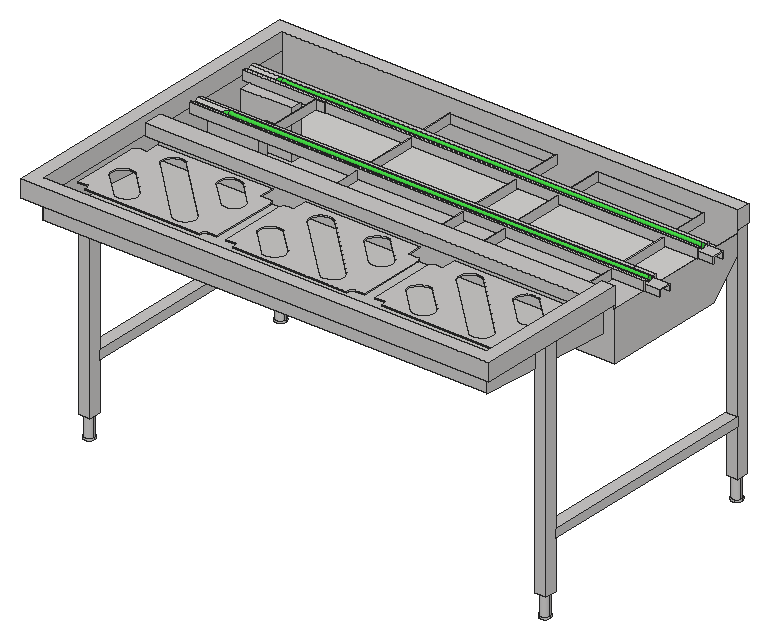
Revit family "QF_ELECTROLUXPROFESSIONAL_865469_HSAS3LR", category Specialty Equipment, Revit 2018
Family settings
  Round Connector Dimension = Use Diameter
  Part Type = Normal
  Work Plane-Based = No
  Always vertical = Yes
  Cut with Voids When Loaded = No
  Shared = No
  Room Calculation Point = No
Parameters (values of type "QF_ELECTROLUX_865469_HSAS3LR")
  Weight = 55.00 kg
  Watts = 0 W
  Volts = 0 V
  URL Manufacturer = "http://professional.electrolux.com"
  URL = "http://professional.electrolux.com"
  Steam Supply Size = 0 mm
  Steam Supply Minimum Pressure = 0.0 Pa
  Steam Supply Maximum Pressure = 0.0 Pa
  Steam Pounds per Hour = 0
  Refrigeration Suction Line Size = 0 mm
  Refrigeration Liquid Line Size = 0 mm
  Refrigerant Compressor Remote = yes
  Manufacturer = "Electrolux"
  Phase = 0
  Model = "HSAS3LR"
  Length Actual = 1620 mm  # constant formula
  Item Number = "865469"
  Hot Water Size = 0 mm
  Height Actual = 910 mm  # constant formula
  HP = "0 HP"
  Gas Size = 0 mm
  Gas KW = 0
  Gas Input Pressure = 0 W
  Description = "AUTOMATIC SORTING TABLE, 3 BASKETS, LEFT>RIGHT, 1620 MM "
  Depth Actual = 1110 mm  # constant formula
  Cycle = 0 Hz
  Condensate Return Size = 0 mm
  Compressed Air Volume = 0.0 L/s
  Compressed Air Size = 0 mm
  Compressed Air Pressure = 0.0 Pa
  Cold Water Size = 0 mm
  Accessory = yes
Reference planes
  plane 1: z = 0
  plane 2 "RIGHT": x = 300
  plane 3: z = 910
  plane 4: z = 0
  plane 5: z = 270
  plane 6 "BACK": y = 310
  plane 7 "FRONT": y = -810
  plane 8 "LEFT": x = -1320
  plane 9 "Center": y = 0
  plane 10: x = -510
  plane 11: y = 0
  plane 12: y = 94.393
  plane 13: y = 134.393
Forms (mm)
  Extrusion 1, solid, material "QF_Finishes_Stainless Steel"
    sketch origin (0, 0, 0) x (-1, 0, 0) y (0, -1, 0)
      loop
        line (1320, 810) -> (-300, 810) -> (-300, 265) -> (-255, 265) -> (-255, 765) -> (1275, 765) -> (1275, -265) -> (-300, -265) -> (-300, -310) -> (1320, -310) -> (1320, 810)
    from 850.091 to 910
  Extrusion 2, solid, material "QF_Finishes_Stainless Steel"
    sketch origin (0, 0, 0) x (0, 1, 0) y (0, 0, -1)
      loop
        line (-267.466, -666.943) -> (-267.466, -850.091) -> (-265, -850.091) -> (-265, -669.943) -> (161.279, -669.943) -> (265, -775.136) -> (265, -850.091) -> (266.249, -850.091) -> (266.249, -772.13) -> (162.534, -666.943) -> (-267.466, -666.943)
    from -297.022 to 1275
  Revolve 3, solid, material "QF_Finishes_Stainless Steel"
    sketch origin (-510, 0.526, -194.395) x (-1, 0, 0) y (0, 0, -1)
      loop
        line (76.494, -861.337) -> (76.494, -847.59)
        arc (76.494, -847.59) -> (75.89, -845.987) -> (74.39, -845.16) r 2.474
        arc (74.39, -845.16) -> (71.083, -841.301) -> (74.377, -837.43) r 3.913
        arc (74.377, -837.43) -> (75.887, -836.598) -> (76.494, -834.985) r 2.49
        line (76.494, -834.985) -> (76.494, -794.661)
        arc (76.494, -794.661) -> (65.844, -763.962) -> (38.457, -746.476) r 49.516
        line (38.457, -746.476) -> (38.457, -743.987) -> (37.25, -742.336) -> (37.25, -740.749) -> (23.47, -734.749) -> (23.47, -698.838) -> (21.946, -697.377) -> (0, -697.377) -> (0, -861.337) -> (76.494, -861.337)
      axis (0, -861.337) -> (0, -697.377)
    angle from 0 to 360
  Extrusion 4, solid, material "QF_Finishes_Stainless Steel"
    sketch origin (0, 0, 0) x (-1, 0, 0) y (0, -1, 0)
      loop
        line (-255, 330.124) -> (-255, 265) -> (1275, 265) -> (1275, 330.124) -> (-255, 330.124)
    from 850.091 to 888.506
  Extrusion 5, solid, material "QF_Finishes_Stainless Steel"
    sketch origin (6.015, 0, -632.691) x (-1, 0, 0) y (0, -1, 0)
      loop
        line (1283.015, -266.249) -> (1323.015, -266.249) -> (1323.015, 521.738) -> (1283.015, 521.738) -> (1283.015, -266.249)
    from 872.691 to 902.691
  Extrusion 6, solid, material "QF_Finishes_Stainless Steel"
    sketch origin (299.022, 0, 0) x (0, 1, 0) y (0, 0, 1)
      loop
        line (162.534, 666.943) -> (266.249, 772.13) -> (266.249, 850.091) -> (265, 850.091) -> (265, 836.936) -> (-267.466, 836.936) -> (-267.466, 666.943) -> (162.534, 666.943)
    from 0 to -2
  Extrusion 7, solid, material "QF_Finishes_Stainless Steel"
    sketch origin (-1023.978, 0.054, -628.981) x (1, 0, 0) y (0, 1, 0)
      loop
        line (1283, 266.195) -> (1283, -521.792) -> (1323, -521.792) -> (1323, 266.195) -> (1283, 266.195)
    from 869.081 to 898.981
  Extrusion 8, solid, material "QF_Finishes_Stainless Steel"
    sketch origin (-1277, 0, 0) x (0, 1, 0) y (0, 0, -1)
      loop
        line (162.534, -666.943) -> (-267.466, -666.943) -> (-267.466, -850.091) -> (265, -850.091) -> (266.249, -850.091) -> (266.249, -772.13) -> (162.534, -666.943)
    from 0 to -2
  Extrusion 9, solid, material "QF_Finishes_Stainless Steel"
    sketch origin (299.022, 0, 0) x (0, 1, 0) y (0, 0, 1)
      loop
        line (94.393, 836.936) -> (94.393, 856.936) -> (134.393, 856.936) -> (134.393, 836.936) -> (136.393, 836.936) -> (136.393, 858.936) -> (92.393, 858.936) -> (92.393, 836.936) -> (94.393, 836.936)
    from -1574.022 to 53.111
  Extrusion 10, solid, material "QF_Finishes_Stainless Steel"
    sketch origin (299.022, 0, 0) x (0, 1, 0) y (0, 0, 1)
      loop
        line (92.393, 836.936) -> (92.393, 866.936) -> (102.393, 866.936) -> (110.393, 858.936) -> (118.393, 858.936) -> (126.393, 866.936) -> (136.393, 866.936) -> (136.393, 836.936) -> (138.393, 836.936) -> (138.393, 868.936) -> (125.565, 868.936) -> (117.565, 860.936) -> (111.221, 860.936) -> (103.221, 868.936) -> (90.393, 868.936) -> (90.393, 836.936) -> (92.393, 836.936)
    from -1574.022 to 0.978
  Extrusion 11, solid, material "QF_Finishes_Stainless Steel"
    sketch origin (299.022, -230, 0) x (0, 1, 0) y (0, 0, 1)
      loop
        line (94.393, 836.936) -> (94.393, 856.936) -> (134.393, 856.936) -> (134.393, 836.936) -> (136.393, 836.936) -> (136.393, 858.936) -> (92.393, 858.936) -> (92.393, 836.936) -> (94.393, 836.936)
    from -1574.022 to 53.111
  Extrusion 12, solid, material "QF_Finishes_Stainless Steel"
    sketch origin (299.022, -230, 0) x (0, 1, 0) y (0, 0, 1)
      loop
        line (92.393, 836.936) -> (92.393, 866.936) -> (102.393, 866.936) -> (110.393, 858.936) -> (118.393, 858.936) -> (126.393, 866.936) -> (136.393, 866.936) -> (136.393, 836.936) -> (138.393, 836.936) -> (138.393, 868.936) -> (125.565, 868.936) -> (117.565, 860.936) -> (111.221, 860.936) -> (103.221, 868.936) -> (90.393, 868.936) -> (90.393, 836.936) -> (92.393, 836.936)
    from -1574.022 to 0.978
  Sweep 13, solid, material "QF_Finishes_Green"
    path origin (299.022, -109.42, 875.352) x (0, 0.0016, 0.999999) y (-1, 0, 0)
      loop
        line (-6.295, -0.978) -> (-6.295, 1449.022)
        arc (-6.295, 1449.022) -> (-15.081, 1470.236) -> (-36.295, 1479.022) r 30
        line (-36.295, 1479.022) -> (-41.295, 1479.022)
    profile origin (-425, -109.431, 869.057) x (0, -0.0016, -0.999999) y (0, -0.999999, 0.0016)
      loop
        circle (1.513, 6.483) r 6.399
  Sweep 14, solid, material "QF_Finishes_Green"
    path origin (299.022, 120.58, 875.352) x (0, 0.0016, 0.999999) y (-1, 0, 0)
      loop
        line (-6.295, -0.978) -> (-6.295, 1449.022)
        arc (-6.295, 1449.022) -> (-15.081, 1470.236) -> (-36.295, 1479.022) r 30
        line (-36.295, 1479.022) -> (-41.295, 1479.022)
    profile origin (-425, 120.569, 869.057) x (0, -0.0016, -0.999999) y (0, -0.999999, 0.0016)
      loop
        circle (1.513, 6.483) r 6.399
  Extrusion 15, solid, material "QF_Finishes_Stainless Steel"
    sketch origin (0, 0, 0) x (1, 0, 0) y (0, 1, 0)
      loop
        line (-662.58, -265) -> (-662.58, -262) -> (-691.789, -262) -> (-691.789, 262) -> (-330.015, 262) -> (-330.015, -262) -> (-359.388, -262) -> (-359.388, -265) -> (-327.015, -265) -> (-327.015, 265) -> (-694.789, 265) -> (-694.789, -265) -> (-662.58, -265)
    from 831.234 to 860.936
  Extrusion 16, solid, material "QF_Finishes_Stainless Steel"
    sketch origin (510, 0, 0) x (1, 0, 0) y (0, 1, 0)
      loop
        line (-662.58, -265) -> (-662.58, -262) -> (-691.789, -262) -> (-691.789, 262) -> (-330.015, 262) -> (-330.015, -262) -> (-359.388, -262) -> (-359.388, -265) -> (-327.015, -265) -> (-327.015, 265) -> (-694.789, 265) -> (-694.789, -265) -> (-662.58, -265)
    from 831.234 to 860.936
  Extrusion 17, solid, material "QF_Finishes_Stainless Steel"
    sketch origin (0, 0, 0) x (1, 0, 0) y (0, 1, 0)
      loop
        line (-1247.085, 53.571) -> (-1072.085, 53.571) -> (-1072.085, 90.393) -> (-1247.085, 90.393) -> (-1247.085, 53.571)
    from 669.943 to 836.936
  Extrusion 18, solid, material "QF_Finishes_Stainless Steel"
    sketch origin (0, -145.178, 0) x (1, 0, 0) y (0, 1, 0)
      loop
        line (-1247.085, 53.571) -> (-1072.085, 53.571) -> (-1072.085, 90.393) -> (-1247.085, 90.393) -> (-1247.085, 53.571)
    from 669.943 to 836.936
  Extrusion 19, solid, material "QF_Finishes_Stainless Steel"
    sketch origin (0, 0, 0) x (1, 0, 0) y (0, 1, 0)
      loop
        line (-1047.085, -91.607) -> (-1015.387, -91.607) -> (-1015.387, 87.393) -> (-987.085, 87.393) -> (-987.085, 90.393) -> (-1018.387, 90.393) -> (-1018.387, -88.607) -> (-1047.085, -88.607) -> (-1047.085, -91.607)
    from 836.936 to 868.936
  Extrusion 20, solid, material "QF_Finishes_Stainless Steel"
    sketch origin (299.022, 0, 0) x (0, 1, 0) y (0, 0, 1)
      loop
        line (-767.81, 850.091) -> (-767.81, 782.048) -> (-267.466, 747.061) -> (-267.466, 850.091) -> (-270.466, 850.091) -> (-270.466, 750.278) -> (-765, 784.859) -> (-765, 850.091) -> (-767.81, 850.091)
    from -1574.022 to -42
  Extrusion 21, solid, material "QF_Finishes_Stainless Steel"
    sketch origin (299.022, 0, 0) x (0, 1, 0) y (0, 0, 1)
      loop
        line (-767.81, 850.091) -> (-767.81, 782.048) -> (-267.466, 747.061) -> (-267.466, 850.091) -> (-767.81, 850.091)
    from -40 to -42
  Extrusion 22, solid, material "QF_Finishes_Stainless Steel"
    sketch origin (-1319.022, 0, 0) x (0, 1, 0) y (0, 0, -1)
      loop
        line (-767.81, -850.091) -> (-267.466, -850.091) -> (-267.466, -747.061) -> (-767.81, -782.048) -> (-767.81, -850.091)
    from -42.022 to -44.022
  Extrusion 23, solid, material "QF_Finishes_Stainless Steel"
    sketch origin (0, 0, 842.5) x (1, 0, 0) y (0, 1, 0)
      loop
        line (-1220.383, -339.221) -> (-1220.383, -389.221) -> (-1240.383, -389.221)
        arc (-1240.383, -389.221) -> (-1254.525, -395.078) -> (-1260.383, -409.221) r 20
        line (-1260.383, -409.221) -> (-1260.383, -634.221) -> (-1230.383, -634.221)
        arc (-1230.383, -634.221) -> (-1223.312, -637.149) -> (-1220.383, -644.221) r 10
        line (-1220.383, -644.221) -> (-1220.383, -654.221) -> (-825.383, -654.221) -> (-825.383, -649.221)
        arc (-825.383, -649.221) -> (-820.989, -638.614) -> (-810.383, -634.221) r 15
        line (-810.383, -634.221) -> (-780.383, -634.221) -> (-780.383, -404.221)
        arc (-780.383, -404.221) -> (-784.776, -393.614) -> (-795.383, -389.221) r 15
        line (-795.383, -389.221) -> (-825.383, -389.221) -> (-825.383, -339.221) -> (-1220.383, -339.221)
      loop
        line (-1214.7, -558.44) -> (-1138.92, -634.221)
        arc (-1138.92, -634.221) -> (-1092.336, -627.771) -> (-1085.887, -581.188) r 38.966
        line (-1085.887, -581.188) -> (-1161.667, -505.407)
        arc (-1161.667, -505.407) -> (-1214.7, -505.407) -> (-1214.7, -558.44) r 37.5
      loop
        line (-1146.92, -425.368) -> (-943.092, -629.196)
        arc (-943.092, -629.196) -> (-895.135, -629.379) -> (-883.322, -582.9) r 38.966
        line (-883.322, -582.9) -> (-1093.887, -372.335)
        arc (-1093.887, -372.335) -> (-1146.92, -372.335) -> (-1146.92, -425.368) r 37.5
      loop
        line (-956.718, -418.538) -> (-880.938, -494.319)
        arc (-880.938, -494.319) -> (-834.354, -487.869) -> (-827.905, -441.286) r 38.966
        line (-827.905, -441.286) -> (-903.685, -365.505)
        arc (-903.685, -365.505) -> (-956.718, -365.505) -> (-956.718, -418.538) r 37.5
    from 0 to 3
  Extrusion 24, solid, material "QF_Finishes_Stainless Steel"
    sketch origin (510, 0, 842.5) x (1, 0, 0) y (0, 1, 0)
      loop
        line (-1220.383, -339.221) -> (-1220.383, -389.221) -> (-1240.383, -389.221)
        arc (-1240.383, -389.221) -> (-1254.525, -395.078) -> (-1260.383, -409.221) r 20
        line (-1260.383, -409.221) -> (-1260.383, -634.221) -> (-1230.383, -634.221)
        arc (-1230.383, -634.221) -> (-1223.312, -637.149) -> (-1220.383, -644.221) r 10
        line (-1220.383, -644.221) -> (-1220.383, -654.221) -> (-825.383, -654.221) -> (-825.383, -649.221)
        arc (-825.383, -649.221) -> (-820.989, -638.614) -> (-810.383, -634.221) r 15
        line (-810.383, -634.221) -> (-780.383, -634.221) -> (-780.383, -404.221)
        arc (-780.383, -404.221) -> (-784.776, -393.614) -> (-795.383, -389.221) r 15
        line (-795.383, -389.221) -> (-825.383, -389.221) -> (-825.383, -339.221) -> (-1220.383, -339.221)
      loop
        line (-1214.7, -558.44) -> (-1138.92, -634.221)
        arc (-1138.92, -634.221) -> (-1092.336, -627.771) -> (-1085.887, -581.188) r 38.966
        line (-1085.887, -581.188) -> (-1161.667, -505.407)
        arc (-1161.667, -505.407) -> (-1214.7, -505.407) -> (-1214.7, -558.44) r 37.5
      loop
        line (-1146.92, -425.368) -> (-943.092, -629.196)
        arc (-943.092, -629.196) -> (-895.135, -629.379) -> (-883.322, -582.9) r 38.966
        line (-883.322, -582.9) -> (-1093.887, -372.335)
        arc (-1093.887, -372.335) -> (-1146.92, -372.335) -> (-1146.92, -425.368) r 37.5
      loop
        line (-956.718, -418.538) -> (-880.938, -494.319)
        arc (-880.938, -494.319) -> (-834.354, -487.869) -> (-827.905, -441.286) r 38.966
        line (-827.905, -441.286) -> (-903.685, -365.505)
        arc (-903.685, -365.505) -> (-956.718, -365.505) -> (-956.718, -418.538) r 37.5
    from 0 to 3
  Extrusion 25, solid, material "QF_Finishes_Stainless Steel"
    sketch origin (1025, 0, 842.5) x (1, 0, 0) y (0, 1, 0)
      loop
        line (-1220.383, -339.221) -> (-1220.383, -389.221) -> (-1240.383, -389.221)
        arc (-1240.383, -389.221) -> (-1254.525, -395.078) -> (-1260.383, -409.221) r 20
        line (-1260.383, -409.221) -> (-1260.383, -634.221) -> (-1230.383, -634.221)
        arc (-1230.383, -634.221) -> (-1223.312, -637.149) -> (-1220.383, -644.221) r 10
        line (-1220.383, -644.221) -> (-1220.383, -654.221) -> (-825.383, -654.221) -> (-825.383, -649.221)
        arc (-825.383, -649.221) -> (-820.989, -638.614) -> (-810.383, -634.221) r 15
        line (-810.383, -634.221) -> (-780.383, -634.221) -> (-780.383, -404.221)
        arc (-780.383, -404.221) -> (-784.776, -393.614) -> (-795.383, -389.221) r 15
        line (-795.383, -389.221) -> (-825.383, -389.221) -> (-825.383, -339.221) -> (-1220.383, -339.221)
      loop
        line (-1214.7, -558.44) -> (-1138.92, -634.221)
        arc (-1138.92, -634.221) -> (-1092.336, -627.771) -> (-1085.887, -581.188) r 38.966
        line (-1085.887, -581.188) -> (-1161.667, -505.407)
        arc (-1161.667, -505.407) -> (-1214.7, -505.407) -> (-1214.7, -558.44) r 37.5
      loop
        line (-1146.92, -425.368) -> (-943.092, -629.196)
        arc (-943.092, -629.196) -> (-895.135, -629.379) -> (-883.322, -582.9) r 38.966
        line (-883.322, -582.9) -> (-1093.887, -372.335)
        arc (-1093.887, -372.335) -> (-1146.92, -372.335) -> (-1146.92, -425.368) r 37.5
      loop
        line (-956.718, -418.538) -> (-880.938, -494.319)
        arc (-880.938, -494.319) -> (-834.354, -487.869) -> (-827.905, -441.286) r 38.966
        line (-827.905, -441.286) -> (-903.685, -365.505)
        arc (-903.685, -365.505) -> (-956.718, -365.505) -> (-956.718, -418.538) r 37.5
    from 0 to 3
Cuts and joins
  joined: Extrusion 1, Extrusion 2, Revolve 3, Extrusion 4, Extrusion 6
  joined: Extrusion 10, Extrusion 12, Extrusion 15, Extrusion 16
Lines and regions (mm)
  Split face 1
    outline origin (-1275, -265, 669.943) x (1, 0, 0) y (0, 1, 0)
      loop
        circle (765, 265) r 76.496
  Split face 2
    outline origin (-1275, -265, 669.943) x (1, 0, 0) y (0, 1, 0)
      loop
        circle (765, 265) r 56.496
  Split face 3
    outline origin (-1275, -265, 669.943) x (1, 0, 0) y (0, 1, 0)
      loop
        circle (765, 265) r 36.496
  Split face 4
    outline origin (-1275, -265, 669.943) x (1, 0, 0) y (0, 1, 0)
      loop
        circle (765, 265) r 16.496
  symbolic lines
    curve 1: line (-1320, 310, 0) -> (300, 310, 0)
    curve 2: line (-1320, -810, 0) -> (-1320, 310, 0)
    curve 3: line (300, -810, 0) -> (-1320, -810, 0)
    curve 4: line (300, 310, 0) -> (300, -810, 0)
    curve 5: line (-1275, 265, 0) -> (300, 265, 0)
    curve 6: line (-1275, -765, 0) -> (-1275, 265, 0)
    curve 7: line (255, -765, 0) -> (-1275, -765, 0)
    curve 8: line (-1275, -265, 0) -> (300, -265, 0)
    curve 9: line (255, -330.124, 0) -> (-1275, -330.124, 0)
    curve 10: line (255, -765, 0) -> (255, -330.124, 0)
    curve 11: line (300, 0, 0) -> (270, 0, 0)
    curve 12: arc (-433.504, 0, 0) -> (-510, -76.496, 0) -> (-586.496, 0, 0) r 76.496
    curve 13: arc (-586.496, 0, 0) -> (-510, 76.496, 0) -> (-433.504, 0, 0) r 76.496
    curve 14: arc (-526.496, 0, 0) -> (-510, -16.496, 0) -> (-493.504, 0, 0) r 16.496
    curve 15: arc (-493.504, 0, 0) -> (-510, 16.496, 0) -> (-526.496, 0, 0) r 16.496
    curve 16: line (300, 138.393, 0) -> (-1275, 138.393, 0)
    curve 17: line (-1275, 90.393, 0) -> (300, 90.393, 0)
    curve 18: line (300, -91.607, 0) -> (-1275, -91.607, 0)
    curve 19: line (-1275, -139.607, 0) -> (300, -139.607, 0)
    curve 20: line (-1275, 125.565, 0) -> (300, 125.565, 0)
    curve 21: line (-1275, 103.221, 0) -> (300, 103.221, 0)
    curve 22: line (-1275, -104.435, 0) -> (300, -104.435, 0)
    curve 23: line (-1275, -126.779, 0) -> (300, -126.779, 0)
    curve 24: line (-694.789, 265, 0) -> (-694.789, 138.393, 0)
    curve 25: line (-694.789, 90.393, 0) -> (-694.789, -91.607, 0)
    curve 26: line (-694.789, -139.607, 0) -> (-694.789, -265, 0)
    curve 27: line (-662.58, -265, 0) -> (-662.58, -262, 0)
    curve 28: line (-662.58, -262, 0) -> (-691.789, -262, 0)
    curve 29: line (-691.789, -262, 0) -> (-691.789, -139.607, 0)
    curve 30: line (-691.789, -91.607, 0) -> (-691.789, 90.393, 0)
    curve 31: line (-691.789, 138.393, 0) -> (-691.789, 262, 0)
    curve 32: line (-691.789, 262, 0) -> (-330.015, 262, 0)
    curve 33: line (-330.015, 262, 0) -> (-330.015, 138.393, 0)
    curve 34: line (-330.015, 90.393, 0) -> (-330.015, -91.607, 0)
    curve 35: line (-330.015, -139.607, 0) -> (-330.015, -262, 0)
    curve 36: line (-330.015, -262, 0) -> (-359.388, -262, 0)
    curve 37: line (-359.388, -262, 0) -> (-359.388, -265, 0)
    curve 38: line (-327.015, -265, 0) -> (-327.015, -139.607, 0)
    curve 39: line (-327.015, 90.393, 0) -> (-327.015, -91.607, 0)
    curve 40: line (-327.015, 265, 0) -> (-327.015, 138.393, 0)
    curve 41: line (-184.789, 265, 0) -> (-184.789, 138.393, 0)
    curve 42: line (-184.789, 90.393, 0) -> (-184.789, -91.607, 0)
    curve 43: line (-184.789, -139.607, 0) -> (-184.789, -265, 0)
    curve 44: line (-152.58, -265, 0) -> (-152.58, -262, 0)
    curve 45: line (-152.58, -262, 0) -> (-181.789, -262, 0)
    curve 46: line (-181.789, -262, 0) -> (-181.789, -139.607, 0)
    curve 47: line (-181.789, -91.607, 0) -> (-181.789, 90.393, 0)
    curve 48: line (-181.789, 138.393, 0) -> (-181.789, 262, 0)
    curve 49: line (-181.789, 262, 0) -> (179.985, 262, 0)
    curve 50: line (179.985, 262, 0) -> (179.985, 138.393, 0)
    curve 51: line (179.985, 90.393, 0) -> (179.985, -91.607, 0)
    curve 52: line (179.985, -139.607, 0) -> (179.985, -262, 0)
    curve 53: line (179.985, -262, 0) -> (150.612, -262, 0)
    curve 54: line (150.612, -262, 0) -> (150.612, -265, 0)
    curve 55: line (182.985, -265, 0) -> (182.985, -139.607, 0)
    curve 56: line (182.985, 90.393, 0) -> (182.985, -91.607, 0)
    curve 57: line (182.985, 265, 0) -> (182.985, 138.393, 0)
    curve 58: line (-1247.085, 90.393, 0) -> (-1247.085, 53.571, 0)
    curve 59: line (-1247.085, 53.571, 0) -> (-1072.085, 53.571, 0)
    curve 60: line (-1072.085, 53.571, 0) -> (-1072.085, 90.393, 0)
    curve 61: line (-1247.085, -91.607, 0) -> (-1247.085, -54.785, 0)
    curve 62: line (-1247.085, -54.785, 0) -> (-1072.085, -54.785, 0)
    curve 63: line (-1072.085, -54.785, 0) -> (-1072.085, -91.607, 0)
    curve 64: line (-1047.085, -91.607, 0) -> (-1047.085, -88.607, 0)
    curve 65: line (-1047.085, -88.607, 0) -> (-1018.387, -88.607, 0)
    curve 66: line (-1018.387, -88.607, 0) -> (-1018.387, 90.393, 0)
    curve 67: line (-987.085, 90.393, 0) -> (-987.085, 87.393, 0)
    curve 68: line (-987.085, 87.393, 0) -> (-1015.387, 87.393, 0)
    curve 69: line (-1015.387, 87.393, 0) -> (-1015.387, -91.607, 0)
    curve 70: line (-1220.383, -654.221, 0) -> (-825.383, -654.221, 0)
    curve 71: line (-825.383, -654.221, 0) -> (-825.383, -649.221, 0)
    curve 72: arc (-825.383, -649.221, 0) -> (-820.989, -638.614, 0) -> (-810.383, -634.221, 0) r 15
    curve 73: line (-810.383, -634.221, 0) -> (-780.383, -634.221, 0)
    curve 74: line (-780.383, -634.221, 0) -> (-780.383, -404.221, 0)
    curve 75: arc (-780.383, -404.221, 0) -> (-784.776, -393.614, 0) -> (-795.383, -389.221, 0) r 15
    curve 76: line (-795.383, -389.221, 0) -> (-825.383, -389.221, 0)
    curve 77: line (-825.383, -389.221, 0) -> (-825.383, -339.221, 0)
    curve 78: line (-825.383, -339.221, 0) -> (-1220.383, -339.221, 0)
    curve 79: line (-1220.383, -339.221, 0) -> (-1220.383, -389.221, 0)
    curve 80: line (-1220.383, -389.221, 0) -> (-1240.383, -389.221, 0)
    curve 81: arc (-1240.383, -389.221, 0) -> (-1254.525, -395.078, 0) -> (-1260.383, -409.221, 0) r 20
    curve 82: line (-1260.383, -409.221, 0) -> (-1260.383, -634.221, 0)
    curve 83: line (-1260.383, -634.221, 0) -> (-1230.383, -634.221, 0)
    curve 84: arc (-1230.383, -634.221, 0) -> (-1223.312, -637.149, 0) -> (-1220.383, -644.221, 0) r 10
    curve 85: line (-1220.383, -644.221, 0) -> (-1220.383, -654.221, 0)
    curve 86: line (-1138.92, -634.221, 0) -> (-1214.7, -558.44, 0)
    curve 87: arc (-1214.7, -558.44, 0) -> (-1214.7, -505.407, 0) -> (-1161.667, -505.407, 0) r 37.5
    curve 88: line (-1161.667, -505.407, 0) -> (-1085.887, -581.188, 0)
    curve 89: arc (-1085.887, -581.188, 0) -> (-1092.336, -627.771, 0) -> (-1138.92, -634.221, 0) r 38.966
    curve 90: line (-943.092, -629.196, 0) -> (-1146.92, -425.368, 0)
    curve 91: arc (-1146.92, -425.368, 0) -> (-1146.92, -372.335, 0) -> (-1093.887, -372.335, 0) r 37.5
    curve 92: line (-1093.887, -372.335, 0) -> (-883.322, -582.9, 0)
    curve 93: arc (-883.322, -582.9, 0) -> (-895.135, -629.379, 0) -> (-943.092, -629.196, 0) r 38.966
    curve 94: line (-880.938, -494.319, 0) -> (-956.718, -418.538, 0)
    curve 95: arc (-956.718, -418.538, 0) -> (-956.718, -365.505, 0) -> (-903.685, -365.505, 0) r 37.5
    curve 96: line (-903.685, -365.505, 0) -> (-827.905, -441.286, 0)
    curve 97: arc (-827.905, -441.286, 0) -> (-834.354, -487.869, 0) -> (-880.938, -494.319, 0) r 38.966
    curve 98: line (-750.383, -409.221, 0) -> (-750.383, -634.221, 0)
    curve 99: line (-750.383, -634.221, 0) -> (-720.383, -634.221, 0)
    curve 100: arc (-720.383, -634.221, 0) -> (-713.312, -637.149, 0) -> (-710.383, -644.221, 0) r 10
    curve 101: line (-710.383, -644.221, 0) -> (-710.383, -654.221, 0)
    curve 102: line (-710.383, -654.221, 0) -> (-315.383, -654.221, 0)
    curve 103: line (-315.383, -654.221, 0) -> (-315.383, -649.221, 0)
    curve 104: arc (-315.383, -649.221, 0) -> (-310.989, -638.614, 0) -> (-300.383, -634.221, 0) r 15
    curve 105: line (-300.383, -634.221, 0) -> (-270.383, -634.221, 0)
    curve 106: line (-270.383, -634.221, 0) -> (-270.383, -404.221, 0)
    curve 107: arc (-270.383, -404.221, 0) -> (-274.776, -393.614, 0) -> (-285.383, -389.221, 0) r 15
    curve 108: line (-285.383, -389.221, 0) -> (-315.383, -389.221, 0)
    curve 109: line (-315.383, -389.221, 0) -> (-315.383, -339.221, 0)
    curve 110: line (-315.383, -339.221, 0) -> (-710.383, -339.221, 0)
    curve 111: line (-710.383, -339.221, 0) -> (-710.383, -389.221, 0)
    curve 112: line (-710.383, -389.221, 0) -> (-730.383, -389.221, 0)
    curve 113: arc (-730.383, -389.221, 0) -> (-744.525, -395.078, 0) -> (-750.383, -409.221, 0) r 20
    curve 114: line (-651.667, -505.407, 0) -> (-575.887, -581.188, 0)
    curve 115: arc (-575.887, -581.188, 0) -> (-582.336, -627.771, 0) -> (-628.92, -634.221, 0) r 38.966
    curve 116: line (-628.92, -634.221, 0) -> (-704.7, -558.44, 0)
    curve 117: arc (-704.7, -558.44, 0) -> (-704.7, -505.407, 0) -> (-651.667, -505.407, 0) r 37.5
    curve 118: line (-433.092, -629.196, 0) -> (-636.92, -425.368, 0)
    curve 119: arc (-636.92, -425.368, 0) -> (-636.92, -372.335, 0) -> (-583.887, -372.335, 0) r 37.5
    curve 120: line (-583.887, -372.335, 0) -> (-373.322, -582.9, 0)
    curve 121: arc (-373.322, -582.9, 0) -> (-385.135, -629.379, 0) -> (-433.092, -629.196, 0) r 38.966
    curve 122: line (-370.938, -494.319, 0) -> (-446.718, -418.538, 0)
    curve 123: arc (-446.718, -418.538, 0) -> (-446.718, -365.505, 0) -> (-393.685, -365.505, 0) r 37.5
    curve 124: line (-393.685, -365.505, 0) -> (-317.905, -441.286, 0)
    curve 125: arc (-317.905, -441.286, 0) -> (-324.354, -487.869, 0) -> (-370.938, -494.319, 0) r 38.966
    curve 126: line (-235.383, -409.221, 0) -> (-235.383, -634.221, 0)
    curve 127: line (-235.383, -634.221, 0) -> (-205.383, -634.221, 0)
    curve 128: arc (-205.383, -634.221, 0) -> (-198.312, -637.149, 0) -> (-195.383, -644.221, 0) r 10
    curve 129: line (-195.383, -644.221, 0) -> (-195.383, -654.221, 0)
    curve 130: line (-195.383, -654.221, 0) -> (199.617, -654.221, 0)
    curve 131: line (199.617, -654.221, 0) -> (199.617, -649.221, 0)
    curve 132: arc (199.617, -649.221, 0) -> (204.011, -638.614, 0) -> (214.617, -634.221, 0) r 15
    curve 133: line (214.617, -634.221, 0) -> (244.617, -634.221, 0)
    curve 134: line (244.617, -634.221, 0) -> (244.617, -404.221, 0)
    curve 135: arc (244.617, -404.221, 0) -> (240.224, -393.614, 0) -> (229.617, -389.221, 0) r 15
    curve 136: line (229.617, -389.221, 0) -> (199.617, -389.221, 0)
    curve 137: line (199.617, -389.221, 0) -> (199.617, -339.221, 0)
    curve 138: line (199.617, -339.221, 0) -> (-195.383, -339.221, 0)
    curve 139: line (-195.383, -339.221, 0) -> (-195.383, -389.221, 0)
    curve 140: line (-195.383, -389.221, 0) -> (-215.383, -389.221, 0)
    curve 141: arc (-215.383, -389.221, 0) -> (-229.525, -395.078, 0) -> (-235.383, -409.221, 0) r 20
    curve 142: line (-136.667, -505.407, 0) -> (-60.887, -581.188, 0)
    curve 143: arc (-60.887, -581.188, 0) -> (-67.336, -627.771, 0) -> (-113.92, -634.221, 0) r 38.966
    curve 144: line (-113.92, -634.221, 0) -> (-189.7, -558.44, 0)
    curve 145: arc (-189.7, -558.44, 0) -> (-189.7, -505.407, 0) -> (-136.667, -505.407, 0) r 37.5
    curve 146: line (81.908, -629.196, 0) -> (-121.92, -425.368, 0)
    curve 147: arc (-121.92, -425.368, 0) -> (-121.92, -372.335, 0) -> (-68.887, -372.335, 0) r 37.5
    curve 148: line (-68.887, -372.335, 0) -> (141.678, -582.9, 0)
    curve 149: arc (141.678, -582.9, 0) -> (129.865, -629.379, 0) -> (81.908, -629.196, 0) r 38.966
    curve 150: line (144.062, -494.319, 0) -> (68.282, -418.538, 0)
    curve 151: arc (68.282, -418.538, 0) -> (68.282, -365.505, 0) -> (121.315, -365.505, 0) r 37.5
    curve 152: line (121.315, -365.505, 0) -> (197.095, -441.286, 0)
    curve 153: arc (197.095, -441.286, 0) -> (190.646, -487.869, 0) -> (144.062, -494.319, 0) r 38.966
    curve 154: line (300, 136.393, 0) -> (352.133, 136.393, 0)
    curve 155: line (352.133, 136.393, 0) -> (352.133, 92.393, 0)
    curve 156: line (352.133, 92.393, 0) -> (300, 92.393, 0)
    curve 157: line (300, -93.607, 0) -> (352.133, -93.607, 0)
    curve 158: line (352.133, -93.607, 0) -> (352.133, -137.607, 0)
    curve 159: line (352.133, -137.607, 0) -> (300, -137.607, 0)
    curve 160: line (300, 107.675, 0) -> (-1165, 107.675, 0)
    curve 161: line (-1165, 120.486, 0) -> (300, 120.486, 0)
    curve 162: arc (-1165, 107.675, 0) -> (-1171.406, 114.08, 0) -> (-1165, 120.486, 0) r 6.406
    curve 163: line (300, -122.328, 0) -> (-1165, -122.328, 0)
    curve 164: line (-1165, -109.516, 0) -> (300, -109.516, 0)
    curve 165: arc (-1165, -122.328, 0) -> (-1171.406, -115.922, 0) -> (-1165, -109.516, 0) r 6.406
Dimensions and locks
  plane 3 to level = 910 mm
  plane 8 "LEFT" to plane 2 "RIGHT" = 1620 mm
  plane 6 "BACK" to plane 7 "FRONT" = 1120 mm
  cut or joined group of Extrusion 1, Extrusion 2, Revolve 3, Extrusion 4, Extrusion 6 to cut or joined group of Extrusion 1, Extrusion 2, Revolve 3, Extrusion 4, Extrusion 6 = 530 mm
  plane 8 "LEFT" to plane 10 = 810 mm
  plane 6 "BACK" to plane 11 = 310 mm
  aligned and locked: level to plane 1
Nested families
  nested 1: "Foot_40x40" at (-1297, -541.738, 0), type "Foot_40x40"
    with A 850.091 mm
  nested 2: "Foot_40x40" at (-1297, 286.249, 0), type "Foot_40x40"
    with A 850.091 mm
  nested 3: "Foot_40x40" at (279.022, -541.738, 0) x (-1, 0, 0) z (0, 0, 1), type "Foot_40x40"
    with A 850.091 mm
  nested 4: "Foot_40x40" at (279.022, 286.249, 0) x (-1, 0, 0) z (0, 0, 1), type "Foot_40x40"
    with A 850.091 mm
Connectors
  piping at (-510, 0.526, 502.983), diameter 30
    settings: on cut or joined group of Extrusion 1, Extrusion 2, Revolve 3, Extrusion 4, Extrusion 6, index 1, connector inside diameter 609.6 mm, connector length 0 mm, flow factor 0, pipe flow 0.0 L/s, pressure drop 0.0 Pa, fitting loss kfactor 0, connector angle 0.00°, fixture units 0, engagement length 0 mm, angle of deflection 0.00°, flow configuration 1, flow direction 2, fitting loss method 0, system type 16, joint type 0, gender type 0, connector reference index -1, connector utility 0, adjustable connector no, is connector primary yes, connector description "Drain"
Definition of nested family "Foot_40x40"
  Parameters
    A [instance] = 850 mm
  Reference planes
    plane 1 "Centro (Fronte/Retro)": y = 0
    plane 2: z = 0
    plane 3 "Centro (Sinistra/Destra)": x = 0
    plane 4: z = 850
  Forms (mm)
    Extrusion 1, solid
      sketch origin (0, 0, 0) x (1, 0, 0) y (0, 1, 0)
        loop
          circle (0, 0) r 18
      from 0 to 5
    Extrusion 2, solid
      sketch origin (0, 0, 5) x (1, 0, 0) y (0, 1, 0)
        loop
          circle (0, 0) r 15
      from 0 to 70
    Extrusion 3, solid
      sketch origin (0, 0, 75) x (1, 0, 0) y (0, 1, 0)
        loop
          line (-20, 20) -> (-20, -20) -> (20, -20) -> (20, 20) -> (-20, 20)
      from 0 to 775
  Dimensions and locks
    "A": plane 4 to plane 2
    aligned and locked: level to plane 2
    aligned and locked: plane 4 to Extrusion 3
    aligned and locked: Extrusion 1 to level
  Automatic sketch dimensions
    plane 1 "Centro (Fronte/Retro)" to Extrusion 1 sketch curve = 0 mm
    Extrusion 1 sketch curve to plane 3 "Centro (Sinistra/Destra)" = 0 mm
    Extrusion 3 sketch curve to Extrusion 3 sketch curve = 40 mm  (x2)
    radius of Extrusion 1 sketch curve = 18 mm
    radius of Extrusion 2 sketch curve to Extrusion 1 = 3 mm
